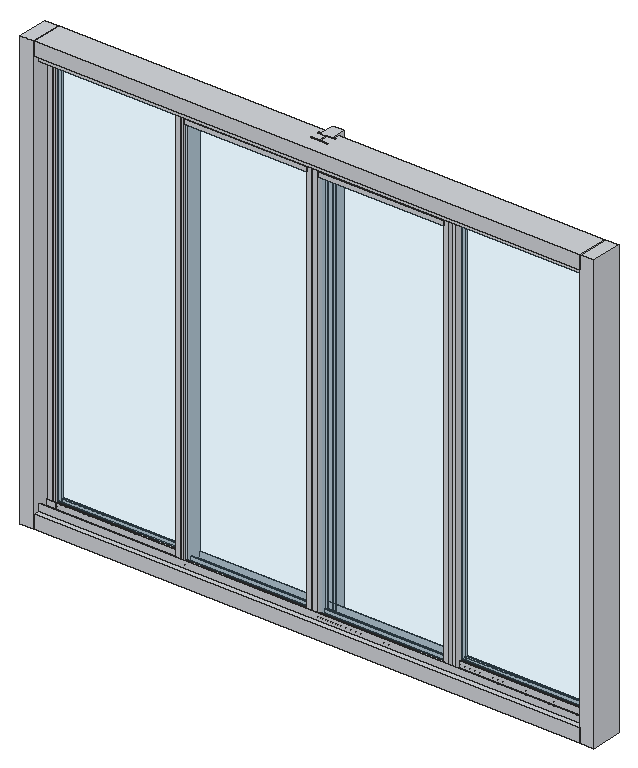
Revit family "View-Max® Commercial Sliding Window_SG&DG- OXXO", category Windows, host Wall, Revit 2021
Family settings
  Host = Wall
  OmniClass Number = 23.30.20.00
  OmniClass Title = Windows
  Always vertical = Yes
  Cut with Voids When Loaded = No
  Shared = No
  Room Calculation Point = No
Parameters (values of type "OX/XO")
  YEAR = "2022"  # constant formula
  Width = 0.0000 mm  # constant formula
  URL = "https://www.alspec.com.au/view-max-sliding-window"
  Thickness = 0.0000 mm  # constant formula
  Single Glazed Thickness (6-13.5mm) [instance] = 5.0000 mm
  Single Glazed [instance] = not(Double Glazed)  # no
  Sill Offset 2 [instance] = 15.9930 mm  # constant formula
  Sill Offset [instance] = 6.0000 mm  # constant formula
  Sash Material [instance] = none
  Rough Width = 0.0000 mm  # constant formula
  Rough Height = 0.0000 mm  # constant formula
  Overall Width [instance] = 1800.0000 mm
  Offset [instance] = 0.0000 mm
  Meeting 1 = 16.8131 mm  # constant formula
  Overall Height [instance] = 1440.0000 mm
  Model = "View-Max® Commercial Sliding Window_SG&DG- OXXO"  # constant formula
  Manufacturer = "ALSPEC"
  Height = 0.0000 mm  # constant formula
  Head Offset 2 [instance] = 84.8025 mm  # constant formula
  Head Offset [instance] = 75.0000 mm  # constant formula
  Glazed Material [instance] = Glass
  Frame Material [instance] = none
  External Frame Thk = 44.5000 mm  # constant formula
  Double Glazed Thickness [instance] = 18.0000 mm
  Double Glazed [instance] = yes
  Define Thermal Properties by = Schematic Type
  Default Sill Height = 720.0000 mm
  Wall Closure = By host
  CREATOR = "Viraj Mhatre"  # constant formula
  COMPANY = "ALSPEC"  # constant formula
  Analytic Construction = "<None>"
  Air Pocket (Double Glazing Only) [instance] = 8.0000 mm  # constant formula
  OXXO [instance] = yes
Reference planes
  plane 1 "Center (Front/Back)": y = 0
  plane 2 "Center (Left/Right)": x = 0
  plane 3 "Left": x = -1146.718
  plane 4 "Right": x = 653.282
  plane 5 "Sill": z = 720
  plane 6 "Head": z = 2160
  plane 7 "Exterior": y = -63.542
  plane 8 "Interior": y = -263.542
  plane 9: y = -114.342
  plane 10: z = 35.5
  plane 11: y = 14
  plane 12 "FRAME CENTRE": y = 42
  plane 13: y = -98.593
  plane 14: x = -1146.718
  plane 15: x = 653.282
  plane 16: x = 653.282
  plane 17: x = -1191.218
  plane 18: x = 697.782
  plane 19: z = 2111.999
  plane 20: z = 2092
  plane 21: z = 935.5
  plane 22: z = 516.113
  plane 23: z = 1267
  plane 24: x = -21.718
  plane 25: x = -471.718
  plane 26: y = -24.342
  plane 27: z = 1513.75
  plane 28: y = -114.342
  plane 29: y = -130.095
  plane 30: x = -1143.218
  plane 31: x = 649.782
  plane 32: y = -63.542
  plane 33: z = 1247.302
  plane 34: z = 710.141
  plane 35: z = 767.302
  plane 36: x = -696.718
  plane 37: x = 203.282
  plane 38: x = 174.782
  plane 39: x = -668.218
  plane 40: x = -246.718
  plane 41: x = -248.718
  plane 42: x = -244.718
Forms (mm)
  Extrusion 1, solid, material <- "Frame Material"
    sketch origin (0, 0, 0) x (1, 0, 0) y (0, 1, 0)
      loop
        line (-1146.718, -63.542) -> (-1191.218, -63.542) -> (-1191.218, -165.142) -> (-1146.718, -165.142) -> (-1146.718, -63.542)
      loop
        line (697.782, -63.542) -> (653.282, -63.542) -> (653.282, -165.142) -> (697.782, -165.142) -> (697.782, -63.542)
      loop
        line (-266.59, -37.161) -> (-266.59, -82.161) -> (-275.647, -82.161) -> (-275.647, -84.961) -> (-247.733, -84.961) -> (-247.733, -112.261) -> (-275.647, -112.261) -> (-275.647, -115.089) -> (-217.82, -115.089) -> (-217.82, -113.561) -> (-245.733, -113.561) -> (-245.733, -83.661) -> (-217.82, -83.661) -> (-217.82, -82.161) -> (-226.878, -82.161) -> (-226.878, -37.161)
        arc (-226.878, -37.161) -> (-246.734, -31.861) -> (-266.59, -37.161) r 39.844
    from 720 to 2160
  Extrusion 2, solid, material <- "Frame Material"
    sketch origin (-1146.718, 0, 0) x (0, -1, 0) y (0, 0, 1)
      loop
        line (63.494, 2160) -> (63.494, 2115.6) -> (81.794, 2115.6) -> (81.794, 2092) -> (83.594, 2092) -> (83.594, 2111.999) -> (113.494, 2111.999) -> (113.494, 2092) -> (115.094, 2092) -> (115.094, 2111.999) -> (144.994, 2111.999) -> (144.994, 2092) -> (146.794, 2092) -> (146.794, 2115.6) -> (165.094, 2115.6) -> (165.094, 2160) -> (63.494, 2160)
      loop
        line (63.595, 764.4) -> (63.595, 720) -> (165.195, 720) -> (165.195, 764.4) -> (146.695, 764.4) -> (146.695, 787) -> (145.095, 787) -> (145.095, 767.302) -> (115.195, 767.302) -> (115.195, 787) -> (113.595, 787) -> (113.595, 767.302) -> (83.695, 767.302) -> (83.695, 787) -> (82.095, 787) -> (82.095, 764.4) -> (63.595, 764.4)
    from -1800 to 0
Lines and regions (mm)
  Opening 1
    outline origin (3600, -263.542, 75) x (1, 0, 0) y (0, 0, 1)
      loop
        line (-2902.218, 645) -> (-2902.218, 2085) -> (-4791.218, 2085) -> (-4791.218, 645) -> (-2902.218, 645)
  Masking region 1
    outline origin (0, 0, 0) x (1, 0, 0) y (0, 1, 0)
      loop
        line (-1146.718, -63.542) -> (-1191.218, -63.542) -> (-1191.218, -165.142) -> (-1146.718, -165.142) -> (-1146.718, -63.542)
      loop
        line (697.782, -63.542) -> (653.282, -63.542) -> (653.282, -165.142) -> (697.782, -165.142) -> (697.782, -63.542)
      loop
        line (-266.59, -37.161) -> (-266.59, -82.161) -> (-275.647, -82.161) -> (-275.647, -84.961) -> (-247.733, -84.961) -> (-247.733, -112.261) -> (-275.647, -112.261) -> (-275.647, -115.089) -> (-217.82, -115.089) -> (-217.82, -113.561) -> (-245.733, -113.561) -> (-245.733, -83.661) -> (-217.82, -83.661) -> (-217.82, -82.161) -> (-226.878, -82.161) -> (-226.878, -37.161)
        arc (-226.878, -37.161) -> (-246.734, -31.861) -> (-266.59, -37.161) r 39.844
  Masking region 2
    outline origin (-1146.718, 0, 0) x (0, -1, 0) y (0, 0, 1)
      loop
        line (63.494, 2160) -> (63.494, 2115.6) -> (81.794, 2115.6) -> (81.794, 2092) -> (83.594, 2092) -> (83.594, 2111.999) -> (113.494, 2111.999) -> (113.494, 2092) -> (115.094, 2092) -> (115.094, 2111.999) -> (144.994, 2111.999) -> (144.994, 2092) -> (146.794, 2092) -> (146.794, 2115.6) -> (165.094, 2115.6) -> (165.094, 2160) -> (63.494, 2160)
      loop
        line (63.595, 720) -> (165.195, 720) -> (165.195, 764.4) -> (146.695, 764.4) -> (146.695, 787) -> (145.095, 787) -> (145.095, 767.302) -> (115.195, 767.302) -> (115.195, 787) -> (113.595, 787) -> (113.595, 767.302) -> (83.695, 767.302) -> (83.695, 787.128) -> (82.095, 787.128) -> (82.095, 764.4) -> (63.595, 764.4) -> (63.595, 720)
Text (mm)
  text "EXTERIOR" at (-1886.484, -724.686, 0), in view "Ref. Level"
  text "INTERIOR" at (-1963.203, 1176.318, 0), in view "Ref. Level"
  text "Exterior" at (0, 923.751, 2943.296), in view "Right"
  text "Exterior" at (0, 1040.484, 2685.409), in view "Left"
Dimensions and locks
  "Overall Height": plane 5 "Sill" to plane 6 "Head"
  plane 5 "Sill" to plane 10 = 684.5000 mm
  locked: plane 7 "Exterior" to host wall
  locked: plane 8 "Interior" to host wall
  "Offset": plane 32 to plane 7 "Exterior"
  "External Frame Thk": plane 4 "Right" to plane 18
  locked: plane 26 to plane 9 at 90
  "External Frame Thk": plane 17 to plane 14
  locked: plane 14 to plane 30 at 3.5
  locked: plane 31 to plane 16 at 3.5
  locked: plane 19 to plane 6 "Head" at 48.001
  locked: plane 19 to plane 20 at 19.999
  locked: plane 10 to level at 35.5
  locked: plane 21 to plane 10 at 900
  equal spacing: plane 20, plane 27, plane 21
  "Default Sill Height": plane 5 "Sill" to level
  locked: plane 28 to plane 32 at 50.8
  locked: plane 9 to plane 28
  locked: plane 28 to plane 29 at 15.753
  locked: plane 13 to plane 28 at 15.749
  locked: plane 5 "Sill" to plane 35 at 47.302
  "Overall Width": plane 14 to plane 16
  locked: plane 36 to plane 39 at 28.5
  locked: plane 38 to plane 37 at 28.5
  equal spacing: plane 14, plane 36, plane 40, plane 37, plane 16
  equal spacing: plane 41, plane 40, plane 42
  locked: plane 41 to plane 42 at 4
  equal spacing: plane 36, plane 25, plane 40
  equal spacing: plane 40, plane 24, plane 37
  aligned and locked: Opening 1 sketch curve to plane 6 "Head"
  aligned and locked: plane 14 to plane 3 "Left"
  aligned and locked: plane 15 to plane 4 "Right"
  aligned and locked: plane 17 to Opening 1 sketch curve
  aligned and locked: plane 18 to Opening 1 sketch curve
  aligned and locked: Opening 1 sketch curve to plane 5 "Sill"
  aligned and locked: host wall to level
  aligned and locked: nested 1 to plane 26
  aligned and locked: plane 24 to nested 1
  aligned and locked: plane 25 to nested 2
  aligned and locked: plane 24 to nested 3
  aligned and locked: nested 4 to plane 25
  aligned and locked: nested 3 to plane 27
  aligned and locked: plane 27 to nested 4
  aligned and locked: plane 26 to nested 2
  aligned and locked: plane 16 to plane 4 "Right"
  aligned and locked: Extrusion 1 to plane 6 "Head"
  aligned and locked: plane 3 "Left" to Extrusion 2
  aligned and locked: Extrusion 2 to plane 4 "Right"
  aligned and locked: plane 5 "Sill" to Extrusion 1
  aligned and locked: nested 5 to plane 28
  aligned and locked: plane 17 to nested 5
  aligned and locked: Extrusion 1 sketch curve to nested 5  (x4)
  aligned and locked: Masking region 1 sketch curve to nested 5  (x4)
  aligned and locked: nested 6 to plane 18
  aligned and locked: plane 28 to nested 6
  aligned and locked: Extrusion 1 sketch curve to nested 6  (x4)
  aligned and locked: Masking region 1 sketch curve to nested 6  (x4)
  aligned and locked: nested 7 to plane 13
  aligned and locked: plane 6 "Head" to nested 7
  aligned and locked: Masking region 2 sketch curve to nested 7  (x12)
  aligned and locked: nested 7 to Masking region 2 sketch curve  (x3)
  aligned and locked: Extrusion 2 sketch curve to nested 7  (x12)
  aligned and locked: nested 7 to Extrusion 2 sketch curve  (x3)
  aligned and locked: plane 5 "Sill" to nested 8
  aligned and locked: nested 8 to plane 13
  aligned and locked: Masking region 2 sketch curve to nested 8  (x12)
  aligned and locked: nested 8 to Masking region 2 sketch curve  (x3)
  aligned and locked: Extrusion 2 sketch curve to nested 8  (x12)
  aligned and locked: nested 8 to Extrusion 2 sketch curve  (x4)
  aligned and locked: plane 41 to nested 9
  aligned and locked: plane 42 to nested 9
  aligned and locked: nested 9 to plane 13
  aligned and locked: Masking region 1 sketch curve to nested 9  (x14)
  aligned and locked: nested 9 to Masking region 1 sketch curve  (x2)
  aligned and locked: Extrusion 1 sketch curve to nested 9  (x14)
  aligned and locked: plane 30 to nested 10
  aligned and locked: plane 39 to nested 10
  aligned and locked: plane 36 to nested 11
  aligned and locked: plane 41 to nested 11
  aligned and locked: plane 42 to nested 12
  aligned and locked: plane 37 to nested 12
  aligned and locked: plane 38 to nested 13
  aligned and locked: plane 31 to nested 13
  aligned and locked: nested 13 to plane 19
  aligned and locked: plane 19 to nested 10
  aligned and locked: plane 19 to nested 11
  aligned and locked: plane 19 to nested 12
  aligned and locked: plane 35 to nested 12
  aligned and locked: plane 35 to nested 10
  aligned and locked: plane 35 to nested 11
  aligned and locked: nested 13 to plane 35
  aligned and locked: nested 10 to plane 29
  aligned and locked: nested 11 to plane 13
  aligned and locked: nested 12 to plane 13
  aligned and locked: plane 29 to nested 13
  aligned and locked: plane 30 to nested 14
  aligned and locked: plane 39 to nested 14
  aligned and locked: plane 36 to nested 15
  aligned and locked: plane 41 to nested 15
  aligned and locked: plane 42 to nested 16
  aligned and locked: plane 37 to nested 16
  aligned and locked: plane 31 to nested 17
  aligned and locked: plane 38 to nested 17
  aligned and locked: nested 14 to plane 13
  aligned and locked: nested 15 to plane 29
  aligned and locked: nested 16 to plane 29
  aligned and locked: plane 13 to nested 17
  aligned and locked: plane 35 to nested 14
  aligned and locked: nested 17 to plane 35
  aligned and locked: plane 35 to nested 15
  aligned and locked: plane 35 to nested 16
  aligned and locked: plane 20 to nested 16
  aligned and locked: plane 20 to nested 14
  aligned and locked: plane 20 to nested 15
  aligned and locked: nested 17 to plane 20
Automatic sketch dimensions
  Masking region 2 sketch curve to Masking region 2 sketch curve = 0.0000 mm  (x2)
  Extrusion 2 sketch curve to plane 19 = 0.0000 mm
  Extrusion 1 sketch curve to Extrusion 1 sketch curve = 9.0570 mm  (x2)
Nested families
  nested 1: "DETAIL_ARROW2" at (-21.718, -24.342, 0), visible <- "OXXO", type "DETAIL_ARROW2"
  nested 2: "DETAIL_ARROW2" at (-471.718, -24.342, 0) x (-1, 0, 0) z (0, 0, 1), visible <- "OXXO", type "DETAIL_ARROW2"
  nested 3: "DETAIL_ARROW" at (-21.718, -263.542, 1513.75) x (1, 0, 0) z (0, -1, 0), visible <- "OXXO", type "DETAIL_ARROW"
  nested 4: "DETAIL_ARROW" at (-471.718, -263.542, 1513.75) x (-1, 0, 0) z (0, -1, 0), visible <- "OXXO", type "DETAIL_ARROW"
  nested 5: "Ext frame ME1 VM75" at (-1191.218, -114.342, 0), type "Ext frame ME1 VM75", detail levels fine
  nested 6: "Ext frame ME1 VM75" at (697.782, -114.342, 0) x (-1, 0, 0) z (0, 0, 1), type "Ext frame ME1 VM75", detail levels fine
  nested 7: "Ext Head" at (-1146.718, -98.593, 2160) x (0, -1, 0) z (-1, 0, 0), type "Ext Head", detail levels fine
  nested 8: "Ext Sill" at (-1146.718, -98.593, 720) x (0, -1, 0) z (-1, 0, 0), type "Ext Sill", detail levels fine
  nested 9: "VM18" at (-248.718, -98.593, 0), type "VM18", detail levels fine
  nested 10: "Panel 1 VM5 VM3" at (-905.718, -130.095, 767.302), Single Glazing Thickness <- "Single Glazed Thickness (6-13.5mm)", Glazing Material <- "Glazed Material", Sash Material <- "Sash Material", visible <- "Single Glazed", type "SLIDING_GLAZED PANEL"
    with Single Glazing Thickness 5.0000 mm, Sash Width 475.0000 mm, Sash Material none, Sash Height 1344.6977 mm, Glazing Material Glass, Actual SG Thickness (Manufacturer Controlled) 6.0000 mm
  nested 11: "Panel 2 VM3 VM5" at (-472.718, -98.593, 767.302), Glazing Material <- "Glazed Material", Sash Material <- "Sash Material", Single Glazing Thickness <- "Single Glazed Thickness (6-13.5mm)", visible <- "Single Glazed", type "SLIDING_GLAZED PANEL"
    with Single Glazing Thickness 5.0000 mm, Sash Width 448.0000 mm, Sash Material none, Sash Height 1344.6977 mm, Glazing Material Glass, Actual SG Thickness (Manufacturer Controlled) 6.0000 mm
  nested 12: "Panel 3 VM13 VM3" at (-20.718, -98.593, 767.302), Glazing Material <- "Glazed Material", Sash Material <- "Sash Material", Single Glazing Thickness <- "Single Glazed Thickness (6-13.5mm)", visible <- "Single Glazed", type "SLIDING_GLAZED PANEL"
    with Single Glazing Thickness 5.0000 mm, Sash Width 448.0000 mm, Sash Material none, Sash Height 1344.6977 mm, Glazing Material Glass, Actual SG Thickness (Manufacturer Controlled) 6.0000 mm
  nested 13: "Panel 4 VM5 VM3" at (412.282, -130.095, 767.302) x (-1, 0, 0) z (0, 0, 1), Single Glazing Thickness <- "Single Glazed Thickness (6-13.5mm)", Glazing Material <- "Glazed Material", Sash Material <- "Sash Material", visible <- "Single Glazed", type "SLIDING_GLAZED PANEL"
    with Single Glazing Thickness 5.0000 mm, Sash Width 475.0000 mm, Sash Material none, Sash Height 1344.6977 mm, Glazing Material Glass, Actual SG Thickness (Manufacturer Controlled) 6.0000 mm
  nested 14: "Dg panel 1&4 VM66 VM64" at (-905.718, -98.593, 767.302), visible <- "Double Glazed", Double Glazing Thickness <- "Double Glazed Thickness", Double Glazed <- "Double Glazed", Glazing Material <- "Glazed Material", Sash Material <- "Sash Material", type "Dg panel 1&4 VM66 VM64"
    with Thickness Control 18.0000 mm, Sill Off 108.0000 mm, Sill 120.0000 mm, Sash Width 475.0000 mm, Sash Material none, Height 1324.6983 mm, Head Off 68.0000 mm, Head 80.0000 mm, Glazing Material Glass, Double Glazing Thickness 18.0000 mm, Double Glazed yes, Air Pocket 8.0000 mm
  nested 15: "Dg panel 2 VM66 VM64" at (-472.718, -130.095, 767.302), visible <- "Double Glazed", Double Glazing Thickness <- "Double Glazed Thickness", Double Glazed <- "Double Glazed", Glazing Material <- "Glazed Material", Sash Material <- "Sash Material", type "Dg panel 2 VM66 VM64"
    with Thickness Control 18.0000 mm, Sill Off 108.0000 mm, Sill 120.0000 mm, Sash Width 448.0000 mm, Sash Material none, Height 1324.6983 mm, Head Off 68.0000 mm, Head 80.0000 mm, Glazing Material Glass, Double Glazing Thickness 18.0000 mm, Double Glazed yes, Air Pocket 8.0000 mm
  nested 16: "Dg panel 3 VM63 VM64" at (-20.718, -130.095, 767.302), visible <- "Double Glazed", Double Glazing Thickness <- "Double Glazed Thickness", Double Glazed <- "Double Glazed", Glazing Material <- "Glazed Material", Sash Material <- "Sash Material", type "Dg panel 3 VM63 VM64"
    with Thickness Control 18.0000 mm, Sill Off 108.0000 mm, Sill 120.0000 mm, Sash Width 448.0000 mm, Sash Material none, Height 1324.6983 mm, Head Off 68.0000 mm, Head 80.0000 mm, Glazing Material Glass, Double Glazing Thickness 18.0000 mm, Double Glazed yes, Air Pocket 8.0000 mm
  nested 17: "Dg panel 1&4 VM66 VM64" at (412.282, -98.593, 767.302) x (-1, 0, 0) z (0, 0, 1), visible <- "Double Glazed", Double Glazing Thickness <- "Double Glazed Thickness", Double Glazed <- "Double Glazed", Glazing Material <- "Glazed Material", Sash Material <- "Sash Material", type "Dg panel 1&4 VM66 VM64"
    with Thickness Control 18.0000 mm, Sill Off 108.0000 mm, Sill 120.0000 mm, Sash Width 475.0000 mm, Sash Material none, Height 1324.6983 mm, Head Off 68.0000 mm, Head 80.0000 mm, Glazing Material Glass, Double Glazing Thickness 18.0000 mm, Double Glazed yes, Air Pocket 8.0000 mm
Definition of nested family "Panel 1 VM5 VM3"
  Parameters (values of type "SLIDING_GLAZED PANEL")
    YEAR = "2022"  # constant formula
    Width = 0.0000 mm  # constant formula
    Thickness = 0.0000 mm  # constant formula
    TODAYS DATE = "30/5/2022"  # constant formula
    Single Glazing Thickness [instance] = 6.0000 mm
    Sash Width [instance] = 1104.2381 mm
    Sash Material [instance] = none
    Sash Height [instance] = 1200.0000 mm
    Rough Width = 0.0000 mm  # constant formula
    Rough Height = 0.0000 mm  # constant formula
    JAMP WIDTH = 70.5049 mm  # constant formula
    Height = 0.0000 mm  # constant formula
    HEAD_JAMP HEIGHT = 80.0000 mm  # constant formula
    Glazing Material [instance] = none
    Define Thermal Properties by = 1
    Default Elevation = 1219.2000 mm
    CREATOR = "Viraj Mhatre"  # constant formula
    COMPANY = "ALSPEC"  # constant formula
    BOTTOM_JAMP HEIGHT = 120.0000 mm  # constant formula
    Analytic Construction = "<None>"
    Actual SG Thickness (Manufacturer Controlled) [instance] = if(Single Glazing Thickness > 13.5000 mm, 13.5000 mm, if(Single Glazing Thickness < 6.0000 mm, 6.0000 mm, Single Glazing Thickness))  # 6.0000 mm
  Reference planes
    plane 1 "Center (Front/Back)": y = 0
    plane 2: z = 0
    plane 3 "Center (Left/Right)": x = 0
    plane 4: x = -552.119
    plane 5: x = 552.119
    plane 6: x = -534.119
    plane 7: x = 522.321
    plane 8: z = 1200
    plane 9: z = 1180.174
    plane 10: z = 20.026
    plane 11: z = 810
    plane 12: x = -524.207
    plane 13: x = 512.407
    plane 14: z = 9.951
    plane 15: z = 1190.149
    plane 16: y = 22.5
    plane 17: y = 39.7
    plane 18: y = 3
    plane 19: y = -3
  Forms (mm)
    Extrusion 1, solid, material <- "Glazing Material"
      sketch origin (0, 0, 0) x (1, 0, 0) y (0, 1, 0)
        loop
          line (-534.119, 3) -> (-534.119, -3) -> (522.321, -3) -> (522.321, 3) -> (-534.119, 3)
      from 9.951 to 1190.149
    Extrusion 2, solid, material <- "Sash Material"
      sketch origin (0, 0, 0) x (1, 0, 0) y (0, 1, 0)
        loop
          line (523.035, 5.197) -> (523.035, -5.197) -> (512.407, -5.197) -> (512.407, -29.753)
          arc (512.407, -29.753) -> (532.263, -35.053) -> (552.119, -29.753) r 39.844
          line (552.119, -29.753) -> (552.119, 20.005) -> (540.811, 20.005) -> (540.811, 16.347) -> (512.407, 16.347) -> (512.407, 5.197) -> (523.035, 5.197)
        loop
          line (-552.119, -13.395) -> (-524.207, -13.395) -> (-524.207, -4.739) -> (-535.251, -4.739) -> (-535.251, 4.739) -> (-524.207, 4.739) -> (-524.207, 13.505) -> (-552.119, 13.505) -> (-552.119, -13.395)
      from 0 to 1200
    Extrusion 3, solid, material <- "Sash Material"
      sketch origin (0, 0, 0) x (0, 1, 0) y (0, 0, 1)
        loop
          line (8.029, 1200) -> (-8.12, 1200) -> (-13.595, 1194.524) -> (-13.595, 1179.974) -> (-6.195, 1179.974) -> (-6.195, 1188.074) -> (-11.995, 1188.074) -> (-11.995, 1192.73) -> (-6.325, 1192.73) -> (-6.325, 1198.4) -> (6.235, 1198.4) -> (6.235, 1192.73) -> (11.905, 1192.73) -> (11.905, 1188.074) -> (6.105, 1188.074) -> (6.105, 1179.974) -> (13.505, 1179.974) -> (13.505, 1194.524) -> (8.029, 1200)
        loop
          line (-8.029, 0) -> (8.12, 0) -> (13.595, 5.476) -> (13.595, 20.026) -> (6.195, 20.026) -> (6.195, 11.926) -> (11.995, 11.926) -> (11.995, 7.27) -> (6.325, 7.27) -> (6.325, 1.6) -> (-6.235, 1.6) -> (-6.235, 7.27) -> (-11.905, 7.27) -> (-11.905, 11.926) -> (-6.105, 11.926) -> (-6.105, 20.026) -> (-13.505, 20.026) -> (-13.505, 5.476) -> (-8.029, 0)
      from -534.119 to 522.321
  Lines and regions (mm)
    Masking region 1
      outline origin (0, 0, 0) x (0, 1, 0) y (0, 0, 1)
        loop
          line (8.029, 1200) -> (-8.12, 1200) -> (-13.595, 1194.524) -> (-13.595, 1179.974) -> (-6.195, 1179.974) -> (-6.195, 1188.074) -> (-11.995, 1188.074) -> (-11.995, 1192.73) -> (-6.325, 1192.73) -> (-6.325, 1198.4) -> (6.235, 1198.4) -> (6.235, 1192.73) -> (11.905, 1192.73) -> (11.905, 1188.074) -> (6.105, 1188.074) -> (6.105, 1179.974) -> (13.505, 1179.974) -> (13.505, 1194.524) -> (8.029, 1200)
        loop
          line (-8.029, 0) -> (8.12, 0) -> (13.595, 5.476) -> (13.595, 20.026) -> (6.195, 20.026) -> (6.195, 11.926) -> (11.995, 11.926) -> (11.995, 7.27) -> (6.325, 7.27) -> (6.325, 1.6) -> (-6.235, 1.6) -> (-6.235, 7.27) -> (-11.905, 7.27) -> (-11.905, 11.926) -> (-6.105, 11.926) -> (-6.105, 20.026) -> (-13.505, 20.026) -> (-13.505, 5.476) -> (-8.029, 0)
    Masking region 2
      outline origin (0, 0, 0) x (1, 0, 0) y (0, 1, 0)
        loop
          line (523.035, 5.197) -> (523.035, -5.197) -> (512.407, -5.197) -> (512.407, -29.753)
          arc (512.407, -29.753) -> (532.263, -35.053) -> (552.119, -29.753) r 39.844
          line (552.119, -29.753) -> (552.119, 20.005) -> (540.811, 20.005) -> (540.811, 16.347) -> (512.407, 16.347) -> (512.407, 5.197) -> (523.035, 5.197)
        loop
          line (-552.119, -13.395) -> (-524.207, -13.395) -> (-524.207, -4.739) -> (-535.251, -4.739) -> (-535.251, 4.739) -> (-524.207, 4.739) -> (-524.207, 13.505) -> (-552.119, 13.505) -> (-552.119, -13.395)
  Dimensions and locks
    equal spacing: plane 4, plane 3 "Center (Left/Right)", plane 5
    "Sash Width": plane 4 to plane 5
    "Sash Height": plane 8 to plane 2
    locked: plane 16 to plane 1 "Center (Front/Back)" at 22.5
    locked: plane 17 to plane 16 at 17.2
    equal spacing: plane 18, plane 1 "Center (Front/Back)", plane 19
    "Actual SG Thickness (Manufacturer Controlled)": plane 18 to plane 19
    plane 11 to level = 810.0000 mm
    locked: plane 4 to plane 6 at 18
    locked: plane 6 to plane 12 at 9.912
    locked: plane 13 to plane 7 at 9.914
    locked: plane 7 to plane 5 at 29.798
    locked: plane 8 to plane 15 at 9.851
    locked: plane 15 to plane 9 at 9.976
    locked: plane 10 to plane 14 at 10.076
    locked: plane 14 to level at 9.951
    aligned and locked: level to plane 2
    aligned and locked: Extrusion 1 sketch curve to plane 18
    aligned and locked: Extrusion 1 sketch curve to plane 19
    aligned and locked: Extrusion 1 to plane 6
    aligned and locked: plane 7 to Extrusion 1
    aligned and locked: plane 15 to Extrusion 1
    aligned and locked: Extrusion 1 to plane 14
    aligned and locked: plane 8 to Extrusion 2
    aligned and locked: Extrusion 2 to level
    aligned and locked: nested 1 to level
    aligned and locked: plane 1 "Center (Front/Back)" to nested 1
    aligned and locked: plane 8 to nested 2
    aligned and locked: nested 2 to plane 1 "Center (Front/Back)"
    aligned and locked: Masking region 1 sketch curve to nested 2  (x18)
    aligned and locked: Extrusion 3 sketch curve to nested 2  (x18)
    aligned and locked: Masking region 1 sketch curve to nested 1  (x18)
    aligned and locked: Extrusion 3 sketch curve to nested 1  (x18)
    aligned and locked: plane 7 to Extrusion 3
    aligned and locked: Extrusion 3 to plane 6
    aligned and locked: plane 13 to nested 3
    aligned and locked: nested 3 to plane 1 "Center (Front/Back)"
    aligned and locked: Masking region 2 sketch curve to nested 3  (x10)
    aligned and locked: Extrusion 2 sketch curve to nested 3  (x10)
    aligned and locked: plane 12 to nested 4
    aligned and locked: plane 1 "Center (Front/Back)" to nested 4
    aligned and locked: Masking region 2 sketch curve to nested 4  (x8)
    aligned and locked: Extrusion 2 sketch curve to nested 4  (x8)
  Automatic sketch dimensions
    Extrusion 1 sketch curve to plane 12 = 9.9120 mm
    Extrusion 1 sketch curve to Extrusion 1 sketch curve = 1056.4402 mm
    Masking region 1 sketch curve to plane 8 = 0.0000 mm
    plane 15 to Masking region 1 sketch curve = 4.3750 mm
    Masking region 1 sketch curve to plane 19 = 10.5954 mm
    Masking region 1 sketch curve to Masking region 1 sketch curve = 1.6000 mm  (x4)
    Masking region 1 sketch curve to plane 19 = 5.1198 mm
    Masking region 1 sketch curve to Masking region 1 sketch curve = 1.7944 mm  (x5)
    Masking region 1 sketch curve to plane 19 = 3.1954 mm
    plane 18 to Masking region 1 sketch curve = 3.1046 mm
    plane 18 to Masking region 1 sketch curve = 3.2346 mm
    Masking region 1 sketch curve to plane 8 = 1.6000 mm
    Masking region 1 sketch curve to plane 15 = 2.0758 mm  (x2)
    Masking region 1 sketch curve to Masking region 1 sketch curve = 5.8000 mm  (x2)
    Masking region 1 sketch curve to plane 9 = 0.2000 mm  (x2)
    plane 15 to Masking region 1 sketch curve = 2.5807 mm  (x2)
    Extrusion 3 sketch curve to plane 8 = 0.0000 mm
    Extrusion 3 sketch curve to plane 19 = 10.5954 mm
    plane 15 to Extrusion 3 sketch curve = 4.3750 mm
    Extrusion 3 sketch curve to plane 15 = 2.0758 mm  (x2)
    Extrusion 3 sketch curve to Extrusion 3 sketch curve = 1.6000 mm  (x4)
    Extrusion 3 sketch curve to Extrusion 3 sketch curve = 1.7944 mm  (x5)
    Extrusion 3 sketch curve to plane 19 = 3.3254 mm
    Extrusion 3 sketch curve to plane 19 = 3.1954 mm
    Extrusion 3 sketch curve to plane 9 = 0.2000 mm  (x2)
    plane 18 to Extrusion 3 sketch curve = 3.1046 mm
    plane 18 to Extrusion 3 sketch curve = 3.2346 mm
    Extrusion 3 sketch curve to plane 8 = 1.6000 mm
    Extrusion 3 sketch curve to Extrusion 3 sketch curve = 5.8000 mm  (x2)
    plane 15 to Extrusion 3 sketch curve = 2.5807 mm  (x2)
    Masking region 1 sketch curve to level = 0.0000 mm
    Masking region 1 sketch curve to plane 10 = 0.0000 mm  (x2)
    Masking region 1 sketch curve to plane 14 = 4.4750 mm  (x2)
    Masking region 1 sketch curve to plane 19 = 10.5046 mm
    Masking region 1 sketch curve to plane 19 = 5.0290 mm
    Masking region 1 sketch curve to plane 19 = 3.1046 mm
    plane 18 to Masking region 1 sketch curve = 3.1954 mm
    plane 18 to Masking region 1 sketch curve = 3.3254 mm
    plane 14 to Masking region 1 sketch curve = 1.9758 mm  (x2)
    level to Masking region 1 sketch curve = 1.6000 mm
    Masking region 1 sketch curve to plane 14 = 2.6807 mm  (x2)
    Extrusion 3 sketch curve to plane 10 = 0.0000 mm  (x2)
    Extrusion 3 sketch curve to level = 0.0000 mm
    Extrusion 3 sketch curve to plane 14 = 4.4750 mm  (x2)
    Extrusion 3 sketch curve to plane 19 = 10.5046 mm
    Extrusion 3 sketch curve to plane 19 = 5.0290 mm
    Extrusion 3 sketch curve to plane 19 = 3.1046 mm
    plane 18 to Extrusion 3 sketch curve = 3.1954 mm
    plane 18 to Extrusion 3 sketch curve = 3.3254 mm
    plane 14 to Extrusion 3 sketch curve = 1.9758 mm  (x2)
    level to Extrusion 3 sketch curve = 1.6000 mm
    Extrusion 3 sketch curve to plane 14 = 2.6807 mm  (x2)
    Masking region 2 sketch curve to plane 13 = 0.0000 mm  (x2)
    Masking region 2 sketch curve to plane 5 = 0.0000 mm
    plane 7 to Masking region 2 sketch curve = 0.7135 mm
    Masking region 2 sketch curve to plane 5 = 11.3079 mm
    Masking region 2 sketch curve to plane 19 = 2.1972 mm
    plane 18 to Masking region 2 sketch curve = 2.1972 mm
    Masking region 2 sketch curve to plane 16 = 6.1530 mm
    Masking region 2 sketch curve to plane 16 = 2.4954 mm
    Extrusion 2 sketch curve to plane 13 = 0.0000 mm  (x2)
    Extrusion 2 sketch curve to plane 5 = 0.0000 mm
    plane 7 to Extrusion 2 sketch curve = 0.7135 mm
    Extrusion 2 sketch curve to plane 5 = 11.3079 mm
    Extrusion 2 sketch curve to plane 19 = 2.1972 mm
    plane 18 to Extrusion 2 sketch curve = 2.1972 mm
    Extrusion 2 sketch curve to plane 16 = 6.1530 mm
    Extrusion 2 sketch curve to plane 16 = 2.4954 mm
    Masking region 2 sketch curve to plane 4 = 0.0000 mm
    Masking region 2 sketch curve to plane 12 = 0.0000 mm  (x2)
    Masking region 2 sketch curve to plane 6 = 1.1323 mm
    Masking region 2 sketch curve to plane 19 = 10.3954 mm
    Masking region 2 sketch curve to plane 19 = 1.7394 mm
    plane 18 to Masking region 2 sketch curve = 1.7394 mm
    Masking region 2 sketch curve to Masking region 2 sketch curve = 8.7652 mm
    Extrusion 2 sketch curve to plane 4 = 0.0000 mm
    Extrusion 2 sketch curve to plane 12 = 0.0000 mm  (x2)
    Extrusion 2 sketch curve to plane 6 = 1.1323 mm
    Extrusion 2 sketch curve to plane 19 = 10.3954 mm
    Extrusion 2 sketch curve to plane 19 = 1.7394 mm
    plane 18 to Extrusion 2 sketch curve = 1.7394 mm
    Extrusion 2 sketch curve to Extrusion 2 sketch curve = 8.7652 mm
  Nested families
    nested 1: "VM1" at (0, 0, 20.026) x (0, -1, 0) z (1, 0, 0), type "VM1", detail levels fine
    nested 2: "VM1" at (0, 0, 1179.974) x (0, 1, 0) z (1, 0, 0), type "VM1", detail levels fine
    nested 3: "VM3 x2 length" at (512.407, 0, 0) x (-1, 0, 0) z (0, 0, 1), type "VM3 x2 length", detail levels fine
    nested 4: "VM5" at (-524.207, 0, 0), type "VM5", detail levels fine
  Definition of nested family "VM1"
    Reference planes
      plane 1 "Center (Front/Back)": y = 0
      plane 2: z = 0
      plane 3 "Center (Left/Right)": x = 0
      plane 4: y = 20.026
      plane 5: y = 10.076
    Dimensions and locks
      aligned and locked: plane 1 "Center (Front/Back)" to import instance
      aligned and locked: plane 3 "Center (Left/Right)" to import instance
      aligned and locked: plane 5 to import instance
      aligned and locked: plane 4 to import instance
  Definition of nested family "VM3 x2 length"
    Reference planes
      plane 1 "Center (Front/Back)": y = 0
      plane 2: z = 0
      plane 3 "Center (Left/Right)": x = 0
      plane 4: x = -39.712
      plane 5: x = -10.628
    Dimensions and locks
      aligned and locked: import instance to plane 1 "Center (Front/Back)"
      aligned and locked: import instance to plane 3 "Center (Left/Right)"
      aligned and locked: plane 4 to import instance
      aligned and locked: plane 5 to import instance
  Definition of nested family "VM5"
    Reference planes
      plane 1 "Center (Front/Back)": y = 0
      plane 2: z = 0
      plane 3 "Center (Left/Right)": x = 0
      plane 4: x = -11.044
      plane 5: x = -27.912
    Dimensions and locks
      aligned and locked: import instance to plane 1 "Center (Front/Back)"
      aligned and locked: plane 3 "Center (Left/Right)" to import instance
      aligned and locked: plane 5 to import instance
      aligned and locked: plane 4 to import instance
Definition of nested family "Panel 2 VM3 VM5"
  Parameters (values of type "SLIDING_GLAZED PANEL")
    YEAR = "2022"  # constant formula
    Width = 0.0000 mm  # constant formula
    Thickness = 0.0000 mm  # constant formula
    TODAYS DATE = "30/5/2022"  # constant formula
    Single Glazing Thickness [instance] = 6.0000 mm
    Sash Width [instance] = 1080.6423 mm
    Sash Material [instance] = none
    Sash Height [instance] = 1200.0000 mm
    Rough Width = 0.0000 mm  # constant formula
    Rough Height = 0.0000 mm  # constant formula
    JAMP WIDTH = 70.5049 mm  # constant formula
    Height = 0.0000 mm  # constant formula
    HEAD_JAMP HEIGHT = 80.0000 mm  # constant formula
    Glazing Material [instance] = none
    Define Thermal Properties by = 1
    Default Elevation = 1219.2000 mm
    CREATOR = "Viraj Mhatre"  # constant formula
    COMPANY = "ALSPEC"  # constant formula
    BOTTOM_JAMP HEIGHT = 120.0000 mm  # constant formula
    Analytic Construction = "<None>"
    Actual SG Thickness (Manufacturer Controlled) [instance] = if(Single Glazing Thickness > 13.5000 mm, 13.5000 mm, if(Single Glazing Thickness < 6.0000 mm, 6.0000 mm, Single Glazing Thickness))  # 6.0000 mm
  Reference planes
    plane 1 "Center (Front/Back)": y = 0
    plane 2: z = 0
    plane 3 "Center (Left/Right)": x = 0
    plane 4: x = -540.321
    plane 5: x = 540.321
    plane 6: x = -522.321
    plane 7: x = 522.321
    plane 8: z = 1200
    plane 9: z = 1180.174
    plane 10: z = 20.026
    plane 11: z = 810
    plane 12: x = -512.409
    plane 13: x = 512.407
    plane 14: z = 9.951
    plane 15: z = 1190.149
    plane 16: y = 22.5
    plane 17: y = 39.7
    plane 18: y = 3
    plane 19: y = -3
  Forms (mm)
    Extrusion 1, solid, material <- "Glazing Material"
      sketch origin (0, 0, 0) x (1, 0, 0) y (0, 1, 0)
        loop
          line (-522.321, 3) -> (-522.321, -3) -> (522.321, -3) -> (522.321, 3) -> (-522.321, 3)
      from 9.951 to 1190.149
    Extrusion 2, solid, material <- "Sash Material"
      sketch origin (0, 0, 0) x (1, 0, 0) y (0, 1, 0)
        loop
          line (522.321, 13.505) -> (522.321, -13.395) -> (540.321, -13.395) -> (540.321, 13.505) -> (522.321, 13.505)
        loop
          line (-540.321, -13.395) -> (-512.409, -13.395) -> (-512.409, -4.739) -> (-523.453, -4.739) -> (-523.453, 4.739) -> (-512.409, 4.739) -> (-512.409, 13.505) -> (-540.321, 13.505) -> (-540.321, -13.395)
      from 0 to 1200
    Extrusion 3, solid, material <- "Sash Material"
      sketch origin (0, 0, 0) x (0, 1, 0) y (0, 0, 1)
        loop
          line (8.029, 1200) -> (-8.12, 1200) -> (-13.595, 1194.524) -> (-13.595, 1179.974) -> (-6.195, 1179.974) -> (-6.195, 1188.074) -> (-11.995, 1188.074) -> (-11.995, 1192.73) -> (-6.325, 1192.73) -> (-6.325, 1198.4) -> (6.235, 1198.4) -> (6.235, 1192.73) -> (11.905, 1192.73) -> (11.905, 1188.074) -> (6.105, 1188.074) -> (6.105, 1179.974) -> (13.505, 1179.974) -> (13.505, 1194.524) -> (8.029, 1200)
        loop
          line (-8.029, 0) -> (8.12, 0) -> (13.595, 5.476) -> (13.595, 20.026) -> (6.195, 20.026) -> (6.195, 11.926) -> (11.995, 11.926) -> (11.995, 7.27) -> (6.325, 7.27) -> (6.325, 1.6) -> (-6.235, 1.6) -> (-6.235, 7.27) -> (-11.905, 7.27) -> (-11.905, 11.926) -> (-6.105, 11.926) -> (-6.105, 20.026) -> (-13.505, 20.026) -> (-13.505, 5.476) -> (-8.029, 0)
      from -512.409 to 522.321
  Lines and regions (mm)
    Masking region 1
      outline origin (0, 0, 0) x (0, 1, 0) y (0, 0, 1)
        loop
          line (8.029, 1200) -> (-8.12, 1200) -> (-13.595, 1194.524) -> (-13.595, 1179.974) -> (-6.195, 1179.974) -> (-6.195, 1188.074) -> (-11.995, 1188.074) -> (-11.995, 1192.73) -> (-6.325, 1192.73) -> (-6.325, 1198.4) -> (6.235, 1198.4) -> (6.235, 1192.73) -> (11.905, 1192.73) -> (11.905, 1188.074) -> (6.105, 1188.074) -> (6.105, 1179.974) -> (13.505, 1179.974) -> (13.505, 1194.524) -> (8.029, 1200)
        loop
          line (-8.029, 0) -> (8.12, 0) -> (13.595, 5.476) -> (13.595, 20.026) -> (6.195, 20.026) -> (6.195, 11.926) -> (11.995, 11.926) -> (11.995, 7.27) -> (6.325, 7.27) -> (6.325, 1.6) -> (-6.235, 1.6) -> (-6.235, 7.27) -> (-11.905, 7.27) -> (-11.905, 11.926) -> (-6.105, 11.926) -> (-6.105, 20.026) -> (-13.505, 20.026) -> (-13.505, 5.476) -> (-8.029, 0)
    Masking region 2
      outline origin (0, 0, 0) x (1, 0, 0) y (0, 1, 0)
        loop
          line (522.321, 13.505) -> (522.321, -13.395) -> (540.321, -13.395) -> (540.321, 13.505) -> (522.321, 13.505)
        loop
          line (-540.321, -13.395) -> (-512.409, -13.395) -> (-512.409, -4.739) -> (-523.453, -4.739) -> (-523.453, 4.739) -> (-512.409, 4.739) -> (-512.409, 13.505) -> (-540.321, 13.505) -> (-540.321, -13.395)
  Dimensions and locks
    equal spacing: plane 4, plane 3 "Center (Left/Right)", plane 5
    "Sash Width": plane 4 to plane 5
    "Sash Height": plane 8 to plane 2
    locked: plane 16 to plane 1 "Center (Front/Back)" at 22.5
    locked: plane 17 to plane 16 at 17.2
    equal spacing: plane 18, plane 1 "Center (Front/Back)", plane 19
    "Actual SG Thickness (Manufacturer Controlled)": plane 18 to plane 19
    plane 11 to level = 810.0000 mm
    locked: plane 4 to plane 6 at 18
    locked: plane 6 to plane 12 at 9.912
    locked: plane 13 to plane 7 at 9.914
    locked: plane 7 to plane 5 at 18
    locked: plane 8 to plane 15 at 9.851
    locked: plane 15 to plane 9 at 9.976
    locked: plane 10 to plane 14 at 10.076
    locked: plane 14 to level at 9.951
    aligned and locked: level to plane 2
    aligned and locked: Extrusion 1 sketch curve to plane 18
    aligned and locked: Extrusion 1 sketch curve to plane 19
    aligned and locked: Extrusion 1 to plane 6
    aligned and locked: plane 7 to Extrusion 1
    aligned and locked: plane 15 to Extrusion 1
    aligned and locked: Extrusion 1 to plane 14
    aligned and locked: plane 8 to Extrusion 2
    aligned and locked: Extrusion 2 to level
    aligned and locked: plane 13 to nested 1
    aligned and locked: plane 1 "Center (Front/Back)" to nested 1
    aligned and locked: Masking region 2 sketch curve to nested 1  (x2)
    aligned and locked: nested 1 to Masking region 2 sketch curve
    aligned and locked: Masking region 2 sketch curve to plane 7
    aligned and locked: Extrusion 2 sketch curve to nested 1  (x2)
    aligned and locked: nested 1 to Extrusion 2 sketch curve
    aligned and locked: Extrusion 2 sketch curve to plane 7
    aligned and locked: nested 2 to level
    aligned and locked: plane 1 "Center (Front/Back)" to nested 2
    aligned and locked: plane 8 to nested 3
    aligned and locked: nested 3 to plane 1 "Center (Front/Back)"
    aligned and locked: Masking region 1 sketch curve to nested 3  (x18)
    aligned and locked: Extrusion 3 sketch curve to nested 3  (x18)
    aligned and locked: Masking region 1 sketch curve to nested 2  (x18)
    aligned and locked: Extrusion 3 sketch curve to nested 2  (x18)
    aligned and locked: plane 7 to Extrusion 3
    aligned and locked: plane 12 to nested 4
    aligned and locked: plane 1 "Center (Front/Back)" to nested 4
    aligned and locked: Extrusion 3 to plane 12
    aligned and locked: Masking region 2 sketch curve to nested 4  (x8)
    aligned and locked: Extrusion 2 sketch curve to nested 4  (x8)
  Automatic sketch dimensions
    Extrusion 1 sketch curve to plane 12 = 9.9120 mm
    Extrusion 1 sketch curve to Extrusion 1 sketch curve = 1044.6423 mm
    Masking region 1 sketch curve to plane 8 = 0.0000 mm
    plane 15 to Masking region 1 sketch curve = 4.3750 mm
    Masking region 1 sketch curve to plane 19 = 10.5954 mm
    Masking region 1 sketch curve to Masking region 1 sketch curve = 1.6000 mm  (x4)
    Masking region 1 sketch curve to plane 19 = 5.1198 mm
    Masking region 1 sketch curve to Masking region 1 sketch curve = 1.7944 mm  (x5)
    Masking region 1 sketch curve to plane 19 = 3.1954 mm
    plane 18 to Masking region 1 sketch curve = 3.1046 mm
    plane 18 to Masking region 1 sketch curve = 3.2346 mm
    Masking region 1 sketch curve to plane 8 = 1.6000 mm
    Masking region 1 sketch curve to plane 15 = 2.0758 mm  (x2)
    Masking region 1 sketch curve to Masking region 1 sketch curve = 5.8000 mm  (x2)
    Masking region 1 sketch curve to plane 9 = 0.2000 mm  (x2)
    plane 15 to Masking region 1 sketch curve = 2.5807 mm  (x2)
    Extrusion 3 sketch curve to plane 8 = 0.0000 mm
    Extrusion 3 sketch curve to plane 19 = 10.5954 mm
    plane 15 to Extrusion 3 sketch curve = 4.3750 mm
    Extrusion 3 sketch curve to plane 15 = 2.0758 mm  (x2)
    Extrusion 3 sketch curve to Extrusion 3 sketch curve = 1.6000 mm  (x4)
    Extrusion 3 sketch curve to Extrusion 3 sketch curve = 1.7944 mm  (x5)
    Extrusion 3 sketch curve to plane 19 = 3.3254 mm
    Extrusion 3 sketch curve to plane 19 = 3.1954 mm
    Extrusion 3 sketch curve to plane 9 = 0.2000 mm  (x2)
    plane 18 to Extrusion 3 sketch curve = 3.1046 mm
    plane 18 to Extrusion 3 sketch curve = 3.2346 mm
    Extrusion 3 sketch curve to plane 8 = 1.6000 mm
    Extrusion 3 sketch curve to Extrusion 3 sketch curve = 5.8000 mm  (x2)
    plane 15 to Extrusion 3 sketch curve = 2.5807 mm  (x2)
    Masking region 1 sketch curve to level = 0.0000 mm
    Masking region 1 sketch curve to plane 10 = 0.0000 mm  (x2)
    Masking region 1 sketch curve to plane 14 = 4.4750 mm  (x2)
    Masking region 1 sketch curve to plane 19 = 10.5046 mm
    Masking region 1 sketch curve to plane 19 = 5.0290 mm
    Masking region 1 sketch curve to plane 19 = 3.1046 mm
    plane 18 to Masking region 1 sketch curve = 3.1954 mm
    plane 18 to Masking region 1 sketch curve = 3.3254 mm
    plane 14 to Masking region 1 sketch curve = 1.9758 mm  (x2)
    level to Masking region 1 sketch curve = 1.6000 mm
    Masking region 1 sketch curve to plane 14 = 2.6807 mm  (x2)
    Extrusion 3 sketch curve to plane 10 = 0.0000 mm  (x2)
    Extrusion 3 sketch curve to level = 0.0000 mm
    Extrusion 3 sketch curve to plane 14 = 4.4750 mm  (x2)
    Extrusion 3 sketch curve to plane 19 = 10.5046 mm
    Extrusion 3 sketch curve to plane 19 = 5.0290 mm
    Extrusion 3 sketch curve to plane 19 = 3.1046 mm
    plane 18 to Extrusion 3 sketch curve = 3.1954 mm
    plane 18 to Extrusion 3 sketch curve = 3.3254 mm
    plane 14 to Extrusion 3 sketch curve = 1.9758 mm  (x2)
    level to Extrusion 3 sketch curve = 1.6000 mm
    Extrusion 3 sketch curve to plane 14 = 2.6807 mm  (x2)
    Masking region 2 sketch curve to plane 4 = 0.0000 mm
    Masking region 2 sketch curve to plane 12 = 0.0000 mm  (x2)
    Masking region 2 sketch curve to plane 6 = 1.1323 mm
    Masking region 2 sketch curve to plane 19 = 10.3954 mm
    Masking region 2 sketch curve to plane 19 = 1.7394 mm
    plane 18 to Masking region 2 sketch curve = 1.7394 mm
    Masking region 2 sketch curve to Masking region 2 sketch curve = 8.7652 mm
    Extrusion 2 sketch curve to plane 4 = 0.0000 mm
    Extrusion 2 sketch curve to plane 12 = 0.0000 mm  (x2)
    Extrusion 2 sketch curve to plane 6 = 1.1323 mm
    Extrusion 2 sketch curve to plane 19 = 10.3954 mm
    Extrusion 2 sketch curve to plane 19 = 1.7394 mm
    plane 18 to Extrusion 2 sketch curve = 1.7394 mm
    Extrusion 2 sketch curve to Extrusion 2 sketch curve = 8.7652 mm
  Nested families
    nested 1: "VM3" at (512.407, 0, 0), type "VM3", detail levels fine
    nested 2: "VM1" at (0, 0, 20.026) x (0, -1, 0) z (1, 0, 0), type "VM1", detail levels fine
    nested 3: "VM1" at (0, 0, 1179.974) x (0, 1, 0) z (1, 0, 0), type "VM1", detail levels fine
    nested 4: "VM5" at (-512.409, 0, 0), type "VM5", detail levels fine
  Definition of nested family "VM3"
    Reference planes
      plane 1 "Center (Front/Back)": y = 0
      plane 2: z = 0
      plane 3 "Center (Left/Right)": x = 0
      plane 4: x = 27.914
      plane 5: x = 9.914
    Dimensions and locks
      aligned and locked: plane 1 "Center (Front/Back)" to import instance
      aligned and locked: plane 3 "Center (Left/Right)" to import instance
      aligned and locked: plane 5 to import instance
      aligned and locked: plane 4 to import instance
  Definition of nested family "VM1"
    Reference planes
      plane 1 "Center (Front/Back)": y = 0
      plane 2: z = 0
      plane 3 "Center (Left/Right)": x = 0
      plane 4: y = 20.026
      plane 5: y = 10.076
    Dimensions and locks
      aligned and locked: plane 1 "Center (Front/Back)" to import instance
      aligned and locked: plane 3 "Center (Left/Right)" to import instance
      aligned and locked: plane 5 to import instance
      aligned and locked: plane 4 to import instance
  Definition of nested family "VM5"
    Reference planes
      plane 1 "Center (Front/Back)": y = 0
      plane 2: z = 0
      plane 3 "Center (Left/Right)": x = 0
      plane 4: x = -11.044
      plane 5: x = -27.912
    Dimensions and locks
      aligned and locked: import instance to plane 1 "Center (Front/Back)"
      aligned and locked: plane 3 "Center (Left/Right)" to import instance
      aligned and locked: plane 5 to import instance
      aligned and locked: plane 4 to import instance
Definition of nested family "Panel 3 VM13 VM3"
  Parameters (values of type "SLIDING_GLAZED PANEL")
    YEAR = "2022"  # constant formula
    Width = 0.0000 mm  # constant formula
    Thickness = 0.0000 mm  # constant formula
    TODAYS DATE = "30/5/2022"  # constant formula
    Single Glazing Thickness [instance] = 6.0000 mm
    Sash Width [instance] = 1080.6423 mm
    Sash Material [instance] = none
    Sash Height [instance] = 1200.0000 mm
    Rough Width = 0.0000 mm  # constant formula
    Rough Height = 0.0000 mm  # constant formula
    JAMP WIDTH = 70.5049 mm  # constant formula
    Height = 0.0000 mm  # constant formula
    HEAD_JAMP HEIGHT = 80.0000 mm  # constant formula
    Glazing Material [instance] = none
    Define Thermal Properties by = 1
    Default Elevation = 1219.2000 mm
    CREATOR = "Viraj Mhatre"  # constant formula
    COMPANY = "ALSPEC"  # constant formula
    BOTTOM_JAMP HEIGHT = 120.0000 mm  # constant formula
    Analytic Construction = "<None>"
    Actual SG Thickness (Manufacturer Controlled) [instance] = if(Single Glazing Thickness > 13.5000 mm, 13.5000 mm, if(Single Glazing Thickness < 6.0000 mm, 6.0000 mm, Single Glazing Thickness))  # 6.0000 mm
  Reference planes
    plane 1 "Center (Front/Back)": y = 0
    plane 2: z = 0
    plane 3 "Center (Left/Right)": x = 0
    plane 4: x = -540.321
    plane 5: x = 540.321
    plane 6: x = -522.321
    plane 7: x = 522.321
    plane 8: z = 1200
    plane 9: z = 1180.174
    plane 10: z = 20.026
    plane 11: z = 810
    plane 12: x = -512.409
    plane 13: x = 512.407
    plane 14: z = 9.951
    plane 15: z = 1190.149
    plane 16: y = 22.5
    plane 17: y = 39.7
    plane 18: y = 3
    plane 19: y = -3
  Forms (mm)
    Extrusion 1, solid, material <- "Glazing Material"
      sketch origin (0, 0, 0) x (1, 0, 0) y (0, 1, 0)
        loop
          line (-522.321, 3) -> (-522.321, -3) -> (522.321, -3) -> (522.321, 3) -> (-522.321, 3)
      from 9.951 to 1190.149
    Extrusion 2, solid, material <- "Sash Material"
      sketch origin (0, 0, 0) x (1, 0, 0) y (0, 1, 0)
        loop
          line (-522.321, 13.505) -> (-540.321, 13.505) -> (-540.321, -13.395) -> (-522.321, -13.395) -> (-522.321, 13.505)
        loop
          line (522.321, 13.505) -> (522.321, -13.395) -> (540.321, -13.395) -> (540.321, 13.505) -> (522.321, 13.505)
      from 0 to 1200
    Extrusion 3, solid, material <- "Sash Material"
      sketch origin (0, 0, 0) x (0, 1, 0) y (0, 0, 1)
        loop
          line (8.029, 1200) -> (-8.12, 1200) -> (-13.595, 1194.524) -> (-13.595, 1179.974) -> (-6.195, 1179.974) -> (-6.195, 1188.074) -> (-11.995, 1188.074) -> (-11.995, 1192.73) -> (-6.325, 1192.73) -> (-6.325, 1198.4) -> (6.235, 1198.4) -> (6.235, 1192.73) -> (11.905, 1192.73) -> (11.905, 1188.074) -> (6.105, 1188.074) -> (6.105, 1179.974) -> (13.505, 1179.974) -> (13.505, 1194.524) -> (8.029, 1200)
        loop
          line (-8.029, 0) -> (8.12, 0) -> (13.595, 5.476) -> (13.595, 20.026) -> (6.195, 20.026) -> (6.195, 11.926) -> (11.995, 11.926) -> (11.995, 7.27) -> (6.325, 7.27) -> (6.325, 1.6) -> (-6.235, 1.6) -> (-6.235, 7.27) -> (-11.905, 7.27) -> (-11.905, 11.926) -> (-6.105, 11.926) -> (-6.105, 20.026) -> (-13.505, 20.026) -> (-13.505, 5.476) -> (-8.029, 0)
      from -522.321 to 522.321
  Lines and regions (mm)
    Masking region 1
      outline origin (0, 0, 0) x (0, 1, 0) y (0, 0, 1)
        loop
          line (8.029, 1200) -> (-8.12, 1200) -> (-13.595, 1194.524) -> (-13.595, 1179.974) -> (-6.195, 1179.974) -> (-6.195, 1188.074) -> (-11.995, 1188.074) -> (-11.995, 1192.73) -> (-6.325, 1192.73) -> (-6.325, 1198.4) -> (6.235, 1198.4) -> (6.235, 1192.73) -> (11.905, 1192.73) -> (11.905, 1188.074) -> (6.105, 1188.074) -> (6.105, 1179.974) -> (13.505, 1179.974) -> (13.505, 1194.524) -> (8.029, 1200)
        loop
          line (-8.029, 0) -> (8.12, 0) -> (13.595, 5.476) -> (13.595, 20.026) -> (6.195, 20.026) -> (6.195, 11.926) -> (11.995, 11.926) -> (11.995, 7.27) -> (6.325, 7.27) -> (6.325, 1.6) -> (-6.235, 1.6) -> (-6.235, 7.27) -> (-11.905, 7.27) -> (-11.905, 11.926) -> (-6.105, 11.926) -> (-6.105, 20.026) -> (-13.505, 20.026) -> (-13.505, 5.476) -> (-8.029, 0)
    Masking region 2
      outline origin (0, 0, 0) x (1, 0, 0) y (0, 1, 0)
        loop
          line (-540.321, -13.395) -> (-522.321, -13.395) -> (-522.321, 13.505) -> (-540.321, 13.505) -> (-540.321, -13.395)
        loop
          line (522.321, 13.505) -> (522.321, -13.395) -> (540.321, -13.395) -> (540.321, 13.505) -> (522.321, 13.505)
  Dimensions and locks
    equal spacing: plane 4, plane 3 "Center (Left/Right)", plane 5
    "Sash Width": plane 4 to plane 5
    "Sash Height": plane 8 to plane 2
    locked: plane 16 to plane 1 "Center (Front/Back)" at 22.5
    locked: plane 17 to plane 16 at 17.2
    equal spacing: plane 18, plane 1 "Center (Front/Back)", plane 19
    "Actual SG Thickness (Manufacturer Controlled)": plane 18 to plane 19
    plane 11 to level = 810.0000 mm
    locked: plane 4 to plane 6 at 18
    locked: plane 6 to plane 12 at 9.912
    locked: plane 13 to plane 7 at 9.914
    locked: plane 7 to plane 5 at 18
    locked: plane 8 to plane 15 at 9.851
    locked: plane 15 to plane 9 at 9.976
    locked: plane 10 to plane 14 at 10.076
    locked: plane 14 to level at 9.951
    aligned and locked: level to plane 2
    aligned and locked: Extrusion 1 sketch curve to plane 18
    aligned and locked: Extrusion 1 sketch curve to plane 19
    aligned and locked: Extrusion 1 to plane 6
    aligned and locked: plane 7 to Extrusion 1
    aligned and locked: plane 15 to Extrusion 1
    aligned and locked: Extrusion 1 to plane 14
    aligned and locked: plane 8 to Extrusion 2
    aligned and locked: Extrusion 2 to level
    aligned and locked: plane 12 to nested 1
    aligned and locked: plane 13 to nested 2
    aligned and locked: plane 1 "Center (Front/Back)" to nested 1
    aligned and locked: plane 1 "Center (Front/Back)" to nested 2
    aligned and locked: Masking region 2 sketch curve to nested 1  (x2)
    aligned and locked: nested 1 to Masking region 2 sketch curve
    aligned and locked: Masking region 2 sketch curve to plane 6
    aligned and locked: Extrusion 2 sketch curve to nested 1  (x2)
    aligned and locked: nested 1 to Extrusion 2 sketch curve  (x2)
    aligned and locked: Masking region 2 sketch curve to nested 2  (x2)
    aligned and locked: nested 2 to Masking region 2 sketch curve
    aligned and locked: Masking region 2 sketch curve to plane 7
    aligned and locked: Extrusion 2 sketch curve to nested 2  (x2)
    aligned and locked: nested 2 to Extrusion 2 sketch curve
    aligned and locked: Extrusion 2 sketch curve to plane 7
    aligned and locked: nested 3 to level
    aligned and locked: plane 1 "Center (Front/Back)" to nested 3
    aligned and locked: plane 8 to nested 4
    aligned and locked: nested 4 to plane 1 "Center (Front/Back)"
    aligned and locked: Masking region 1 sketch curve to nested 4  (x18)
    aligned and locked: Extrusion 3 sketch curve to nested 4  (x18)
    aligned and locked: Masking region 1 sketch curve to nested 3  (x18)
    aligned and locked: Extrusion 3 sketch curve to nested 3  (x18)
    aligned and locked: plane 7 to Extrusion 3
    aligned and locked: Extrusion 3 to plane 6
  Automatic sketch dimensions
    Extrusion 1 sketch curve to plane 12 = 9.9120 mm
    Extrusion 1 sketch curve to Extrusion 1 sketch curve = 1044.6423 mm
    Masking region 1 sketch curve to plane 8 = 0.0000 mm
    plane 15 to Masking region 1 sketch curve = 4.3750 mm
    Masking region 1 sketch curve to plane 19 = 10.5954 mm
    Masking region 1 sketch curve to Masking region 1 sketch curve = 1.6000 mm  (x4)
    Masking region 1 sketch curve to plane 19 = 5.1198 mm
    Masking region 1 sketch curve to Masking region 1 sketch curve = 1.7944 mm  (x5)
    Masking region 1 sketch curve to plane 19 = 3.1954 mm
    plane 18 to Masking region 1 sketch curve = 3.1046 mm
    plane 18 to Masking region 1 sketch curve = 3.2346 mm
    Masking region 1 sketch curve to plane 8 = 1.6000 mm
    Masking region 1 sketch curve to plane 15 = 2.0758 mm  (x2)
    Masking region 1 sketch curve to Masking region 1 sketch curve = 5.8000 mm  (x2)
    Masking region 1 sketch curve to plane 9 = 0.2000 mm  (x2)
    plane 15 to Masking region 1 sketch curve = 2.5807 mm  (x2)
    Extrusion 3 sketch curve to plane 8 = 0.0000 mm
    Extrusion 3 sketch curve to plane 19 = 10.5954 mm
    plane 15 to Extrusion 3 sketch curve = 4.3750 mm
    Extrusion 3 sketch curve to plane 15 = 2.0758 mm  (x2)
    Extrusion 3 sketch curve to Extrusion 3 sketch curve = 1.6000 mm  (x4)
    Extrusion 3 sketch curve to Extrusion 3 sketch curve = 1.7944 mm  (x5)
    Extrusion 3 sketch curve to plane 19 = 3.3254 mm
    Extrusion 3 sketch curve to plane 19 = 3.1954 mm
    Extrusion 3 sketch curve to plane 9 = 0.2000 mm  (x2)
    plane 18 to Extrusion 3 sketch curve = 3.1046 mm
    plane 18 to Extrusion 3 sketch curve = 3.2346 mm
    Extrusion 3 sketch curve to plane 8 = 1.6000 mm
    Extrusion 3 sketch curve to Extrusion 3 sketch curve = 5.8000 mm  (x2)
    plane 15 to Extrusion 3 sketch curve = 2.5807 mm  (x2)
    Masking region 1 sketch curve to level = 0.0000 mm
    Masking region 1 sketch curve to plane 10 = 0.0000 mm  (x2)
    Masking region 1 sketch curve to plane 14 = 4.4750 mm  (x2)
    Masking region 1 sketch curve to plane 19 = 10.5046 mm
    Masking region 1 sketch curve to plane 19 = 5.0290 mm
    Masking region 1 sketch curve to plane 19 = 3.1046 mm
    plane 18 to Masking region 1 sketch curve = 3.1954 mm
    plane 18 to Masking region 1 sketch curve = 3.3254 mm
    plane 14 to Masking region 1 sketch curve = 1.9758 mm  (x2)
    level to Masking region 1 sketch curve = 1.6000 mm
    Masking region 1 sketch curve to plane 14 = 2.6807 mm  (x2)
    Extrusion 3 sketch curve to plane 10 = 0.0000 mm  (x2)
    Extrusion 3 sketch curve to level = 0.0000 mm
    Extrusion 3 sketch curve to plane 14 = 4.4750 mm  (x2)
    Extrusion 3 sketch curve to plane 19 = 10.5046 mm
    Extrusion 3 sketch curve to plane 19 = 5.0290 mm
    Extrusion 3 sketch curve to plane 19 = 3.1046 mm
    plane 18 to Extrusion 3 sketch curve = 3.1954 mm
    plane 18 to Extrusion 3 sketch curve = 3.3254 mm
    plane 14 to Extrusion 3 sketch curve = 1.9758 mm  (x2)
    level to Extrusion 3 sketch curve = 1.6000 mm
    Extrusion 3 sketch curve to plane 14 = 2.6807 mm  (x2)
  Nested families
    nested 1: "VM13" at (-512.409, 0, 0), type "VM13", detail levels fine
    nested 2: "VM3" at (512.407, 0, 0), type "VM3", detail levels fine
    nested 3: "VM1" at (0, 0, 20.026) x (0, -1, 0) z (1, 0, 0), type "VM1", detail levels fine
    nested 4: "VM1" at (0, 0, 1179.974) x (0, 1, 0) z (1, 0, 0), type "VM1", detail levels fine
  Definition of nested family "VM13"
    Reference planes
      plane 1 "Center (Front/Back)": y = 0
      plane 2: z = 0
      plane 3 "Center (Left/Right)": x = 0
      plane 4: x = -27.912
      plane 5: x = -9.912
    Dimensions and locks
      aligned and locked: import instance to plane 1 "Center (Front/Back)"
      aligned and locked: plane 3 "Center (Left/Right)" to import instance
      aligned and locked: plane 4 to import instance
      aligned and locked: plane 5 to import instance
  Definition of nested family "VM3"
    Reference planes
      plane 1 "Center (Front/Back)": y = 0
      plane 2: z = 0
      plane 3 "Center (Left/Right)": x = 0
      plane 4: x = 27.914
      plane 5: x = 9.914
    Dimensions and locks
      aligned and locked: plane 1 "Center (Front/Back)" to import instance
      aligned and locked: plane 3 "Center (Left/Right)" to import instance
      aligned and locked: plane 5 to import instance
      aligned and locked: plane 4 to import instance
  Definition of nested family "VM1"
    Reference planes
      plane 1 "Center (Front/Back)": y = 0
      plane 2: z = 0
      plane 3 "Center (Left/Right)": x = 0
      plane 4: y = 20.026
      plane 5: y = 10.076
    Dimensions and locks
      aligned and locked: plane 1 "Center (Front/Back)" to import instance
      aligned and locked: plane 3 "Center (Left/Right)" to import instance
      aligned and locked: plane 5 to import instance
      aligned and locked: plane 4 to import instance
Definition of nested family "Panel 4 VM5 VM3"
  Parameters (values of type "SLIDING_GLAZED PANEL")
    YEAR = "2022"  # constant formula
    Width = 0.0000 mm  # constant formula
    Thickness = 0.0000 mm  # constant formula
    TODAYS DATE = "30/5/2022"  # constant formula
    Single Glazing Thickness [instance] = 6.0000 mm
    Sash Width [instance] = 1104.2381 mm
    Sash Material [instance] = none
    Sash Height [instance] = 1200.0000 mm
    Rough Width = 0.0000 mm  # constant formula
    Rough Height = 0.0000 mm  # constant formula
    JAMP WIDTH = 70.5049 mm  # constant formula
    Height = 0.0000 mm  # constant formula
    HEAD_JAMP HEIGHT = 80.0000 mm  # constant formula
    Glazing Material [instance] = none
    Define Thermal Properties by = 1
    Default Elevation = 1219.2000 mm
    CREATOR = "Viraj Mhatre"  # constant formula
    COMPANY = "ALSPEC"  # constant formula
    BOTTOM_JAMP HEIGHT = 120.0000 mm  # constant formula
    Analytic Construction = "<None>"
    Actual SG Thickness (Manufacturer Controlled) [instance] = if(Single Glazing Thickness > 13.5000 mm, 13.5000 mm, if(Single Glazing Thickness < 6.0000 mm, 6.0000 mm, Single Glazing Thickness))  # 6.0000 mm
  Reference planes
    plane 1 "Center (Front/Back)": y = 0
    plane 2: z = 0
    plane 3 "Center (Left/Right)": x = 0
    plane 4: x = -552.119
    plane 5: x = 552.119
    plane 6: x = -534.119
    plane 7: x = 522.321
    plane 8: z = 1200
    plane 9: z = 1180.174
    plane 10: z = 20.026
    plane 11: z = 810
    plane 12: x = -524.207
    plane 13: x = 512.407
    plane 14: z = 9.951
    plane 15: z = 1190.149
    plane 16: y = 22.5
    plane 17: y = 39.7
    plane 18: y = 3
    plane 19: y = -3
  Forms (mm)
    Extrusion 1, solid, material <- "Glazing Material"
      sketch origin (0, 0, 0) x (1, 0, 0) y (0, 1, 0)
        loop
          line (-534.119, 3) -> (-534.119, -3) -> (522.321, -3) -> (522.321, 3) -> (-534.119, 3)
      from 9.951 to 1190.149
    Extrusion 2, solid, material <- "Sash Material"
      sketch origin (0, 0, 0) x (1, 0, 0) y (0, 1, 0)
        loop
          line (523.035, 5.197) -> (523.035, -5.197) -> (512.407, -5.197) -> (512.407, -29.753)
          arc (512.407, -29.753) -> (532.263, -35.053) -> (552.119, -29.753) r 39.844
